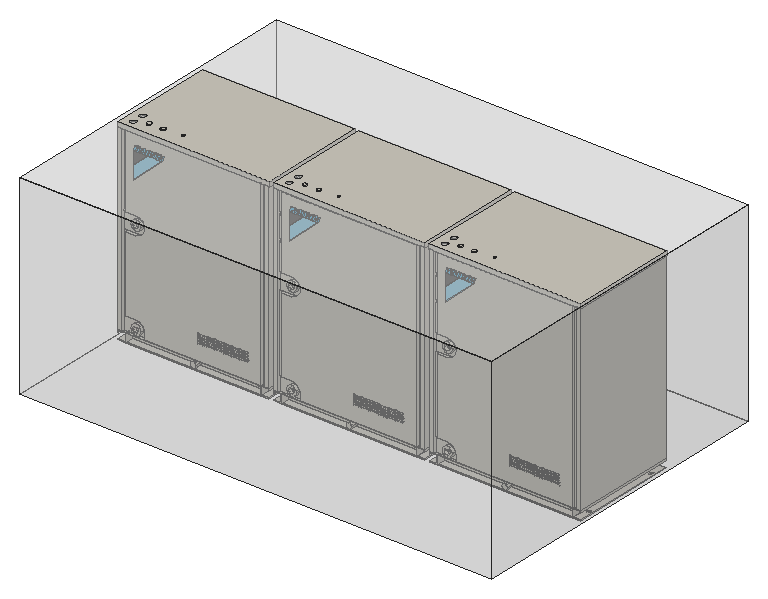
Revit family "outputfile", category 機械設備, Revit 2024
Family settings
  丸型コネクタ寸法 = 半径を使用
  種別 = なし
  パーツ タイプ = 標準
  OmniClass 番号 = 23.75.10.24.21.27.27
  OmniClass タイトル = Split System Air Conditioning Units
  作業面ベース = いいえ
  常に垂直 = はい
  ロード時にボイドで切り取り = いいえ
  注釈の向きを維持 = いいえ
  共有 = いいえ
  部屋計算ポイント = いいえ
Parameters (values of type "RWEYQ26TYM")
  製造元 = "Daikin"
  書き出し IFC クラス(タイプ) = "IfcUnitaryEquipmentType"
  定義済み IFC タイプ(タイプ) = "AIRCONDITIONINGUNIT"
  モデル = "RWEYQ26TYM"
  w_unit3 = 780.0 mm
  w_unit2 = 780.0 mm
  w_unit1 = 780.0 mm
  switch_unit3_6-8 [instance] = if(Reverse_ModuleSequence, if(default_unit1 = 1, 1 = 1, 1 = 0), if(default_unit3 = 1, 1 = 1, 1 = 0))  # yes
  switch_unit3_12 [instance] = if(Reverse_ModuleSequence, if(default_unit1 = 3, 1 = 1, 1 = 0), if(default_unit3 = 3, 1 = 1, 1 = 0))  # no
  switch_unit3_10 [instance] = if(Reverse_ModuleSequence, if(default_unit1 = 2, 1 = 1, 1 = 0), if(default_unit3 = 2, 1 = 1, 1 = 0))  # no
  switch_unit2_6-8 [instance] = if(default_unit2 = 1, 1 = 1, 1 = 0)  # yes
  switch_unit2_12 [instance] = if(default_unit2 = 3, 1 = 1, 1 = 0)  # no
  switch_unit2_10 [instance] = if(default_unit2 = 2, 1 = 1, 1 = 0)  # no
  switch_unit1_6-8 [instance] = if(Reverse_ModuleSequence, if(default_unit3 = 1, 1 = 1, 1 = 0), if(default_unit1 = 1, 1 = 1, 1 = 0))  # no
  switch_unit1_12 [instance] = if(Reverse_ModuleSequence, if(default_unit3 = 3, 1 = 1, 1 = 0), if(default_unit1 = 3, 1 = 1, 1 = 0))  # no
  switch_unit1_10 [instance] = if(Reverse_ModuleSequence, if(default_unit3 = 2, 1 = 1, 1 = 0), if(default_unit1 = 2, 1 = 1, 1 = 0))  # yes
  r_Water Outlet Pipe Connection_unit3 [instance] = Water Outlet Pipe Connection_Unit3 / 2  # 15.9 mm
  r_Water Outlet Pipe Connection_unit2 [instance] = Water Outlet Pipe Connection_Unit2 / 2  # 15.9 mm
  r_Water Outlet Pipe Connection_unit1 [instance] = Water Outlet Pipe Connection_Unit1 / 2  # 15.9 mm
  r_Water Inlet Pipe Connection_unit3 [instance] = Water Inlet Pipe Connection_Unit3 / 2  # 15.9 mm
  r_Water Inlet Pipe Connection_unit2 [instance] = Water Inlet Pipe Connection_Unit2 / 2  # 15.9 mm
  r_Water Inlet Pipe Connection_unit1 [instance] = Water Inlet Pipe Connection_Unit1 / 2  # 15.9 mm
  r_Drain Pipe Size = Drain Pipe Size / 2  # 6.35 mm
  lw_Water Outlet3 = 95.0 mm
  lw_Water Outlet2 = 95.0 mm
  lw_Water Outlet1 = 95.0 mm
  lw_Water Inlet3 = 95.0 mm
  lw_Water Inlet2 = 95.0 mm
  lw_Water Inlet1 = 95.0 mm
  lw_Drain3 = 390.0 mm
  lw_Drain2 = 390.0 mm
  lw_Drain1 = 390.0 mm
  default_Water Outlet Pipe Connection_Unit 3 = 31.8 mm
  default_Water Outlet Pipe Connection_Unit 2 = 31.8 mm
  default_Water Outlet Pipe Connection_Unit 1 = 31.8 mm
  default_Water Inlet Pipe Connection_Unit 3 = 31.8 mm
  default_Water Inlet Pipe Connection_Unit 2 = 31.8 mm
  default_Water Inlet Pipe Connection_Unit 1 = 31.8 mm
  angle_Drain [instance] = if(Rear Connection_Drain, 180.00°, 0.00°)  # 0.00°
  r_Liquid Pipe Size_unit3 [instance] = Liquid Pipe Size_Unit 3 / 2  # 4.75 mm
  r_Liquid Pipe Size_unit2 [instance] = Liquid Pipe Size_Unit 2 / 2  # 4.75 mm
  r_HP/LP Gas Pipe Size_unit3 [instance] = [HP/LP Gas Pipe Size_Unit 3] / 2  # 9.55 mm
  r_HP/LP Gas Pipe Size_unit2 [instance] = [HP/LP Gas Pipe Size_Unit 2] / 2  # 9.55 mm
  r_HP/LP Gas Pipe Size_unit1 [instance] = [HP/LP Gas Pipe Size_Unit 1] / 2  # 11.1 mm
  r_Gas Pipe Size_unit3 [instance] = Gas Pipe Size_Unit 3 / 2  # 9.55 mm
  r_Gas Pipe Size_unit2 [instance] = Gas Pipe Size_Unit 2 / 2  # 9.55 mm
  lw_powersupply3 = 51.0 mm
  lw_powersupply2 = 51.0 mm
  lw_liquidpipe3 = 274.0 mm
  lw_liquidpipe2 = 274.0 mm
  lw_gaspipe3 [instance] = if(Heat Pump, 107.0 mm, 178.0 mm)  # 107.0 mm
  lw_gaspipe2 [instance] = if(Heat Pump, 107.0 mm, 178.0 mm)  # 107.0 mm
  lw_HP/LP Gas Pipe3 [instance] = if(Heat Pump, 178.0 mm, 107.0 mm)  # 178.0 mm
  lw_HP/LP Gas Pipe2 [instance] = if(Heat Pump, 178.0 mm, 107.0 mm)  # 178.0 mm
  lw_HP/LP Gas Pipe1 [instance] = if(Heat Pump, 178.0 mm, 107.0 mm)  # 178.0 mm
  ld_HP/LP Gas Pipe = 69.0 mm
  h_mountinghole = [h_***] + 2.3 mm  # 2.3 mm
  r_Liquid Pipe Size_unit1 [instance] = Liquid Pipe Size_Unit 1 / 2  # 4.75 mm
  r_Gas Pipe Size_unit1 [instance] = Gas Pipe Size_Unit 1 / 2  # 11.1 mm
  distance_unit2-3 [instance] = 20.0 mm
  distance_unit1-2 [instance] = 20.0 mm
  default_unit3 = 1
  default_unit2 = 1
  default_unit1 = 2
  default_Model_Unit 3 = "RWEYQ8TYM"
  default_Model_Unit 2 = "RWEYQ8TYM"
  default_Model_Unit 1 = "RWEYQ10TYM"
  default_Liquid Pipe Size_Unit 3 = 9.5 mm
  default_Liquid Pipe Size_Unit 2 = 9.5 mm
  default_Liquid Pipe Size_Unit 1 = 9.5 mm
  default_HP/LP Gas Pipe Size_Unit 3 [instance] = if(and(Heat Pump, [switch_unit3_6-8]), 19.1 mm, if(and(Heat Pump, switch_unit3_10), 22.2 mm, if(and(Heat Pump, switch_unit3_12), 22.2 mm, if(and(Heat Recovery, [switch_unit3_6-8]), 15.9 mm, if(and(Heat Recovery, switch_unit3_10), 19.1 mm, if(and(Heat Recovery, switch_unit3_12), 19.1 mm, 19.1 mm))))))  # 19.1 mm
  default_HP/LP Gas Pipe Size_Unit 2 [instance] = if(and(Heat Pump, [switch_unit2_6-8]), 19.1 mm, if(and(Heat Pump, switch_unit2_10), 22.2 mm, if(and(Heat Pump, switch_unit2_12), 22.2 mm, if(and(Heat Recovery, [switch_unit2_6-8]), 15.9 mm, if(and(Heat Recovery, switch_unit2_10), 19.1 mm, if(and(Heat Recovery, switch_unit2_12), 19.1 mm, 19.1 mm))))))  # 19.1 mm
  default_HP/LP Gas Pipe Size_Unit 1 [instance] = if(and(Heat Pump, [switch_unit1_6-8]), 19.1 mm, if(and(Heat Pump, switch_unit1_10), 22.2 mm, if(and(Heat Pump, switch_unit1_12), 22.2 mm, if(and(Heat Recovery, [switch_unit1_6-8]), 15.9 mm, if(and(Heat Recovery, switch_unit1_10), 19.1 mm, if(and(Heat Recovery, switch_unit1_12), 19.1 mm, 19.1 mm))))))  # 22.2 mm
  default_Gas Pipe Size_Unit 3 = 19.1 mm
  default_Gas Pipe Size_Unit 2 = 19.1 mm
  default_Gas Pipe Size_Unit 1 = 22.2 mm
  Water Outlet Pipe Connection_Unit3 [instance] = if(Reverse_ModuleSequence, default_Water Outlet Pipe Connection_Unit 1, default_Water Outlet Pipe Connection_Unit 3)  # 31.8 mm
  Water Outlet Pipe Connection_Unit2 [instance] = if(Reverse_ModuleSequence, default_Water Inlet Pipe Connection_Unit 2, default_Water Inlet Pipe Connection_Unit 2)  # 31.8 mm
  Water Outlet Pipe Connection_Unit1 [instance] = if(Reverse_ModuleSequence, default_Water Outlet Pipe Connection_Unit 3, default_Water Outlet Pipe Connection_Unit 1)  # 31.8 mm
  Water Inlet Pipe Connection_Unit3 [instance] = if(Reverse_ModuleSequence, default_Water Inlet Pipe Connection_Unit 1, default_Water Inlet Pipe Connection_Unit 3)  # 31.8 mm
  Water Inlet Pipe Connection_Unit2 [instance] = if(Reverse_ModuleSequence, default_Water Outlet Pipe Connection_Unit 2, default_Water Outlet Pipe Connection_Unit 2)  # 31.8 mm
  Water Inlet Pipe Connection_Unit1 [instance] = if(Reverse_ModuleSequence, default_Water Inlet Pipe Connection_Unit 3, default_Water Inlet Pipe Connection_Unit 1)  # 31.8 mm
  Voltage_comment_60Hz = "380"
  Voltage_comment_50Hz = "380-415"
  Voltage_60Hz = 380 V
  Voltage_50Hz = 400 V
  Top Connection_powersupply2 [instance] = not(Top Connection_powersupply1)  # no
  Sound Power Level (dB) = 76
  Reverse_ModuleSequence [instance] = no
  Rear Connection_Drain [instance] = not(Front Connection_Drain)  # no
  Power Input (Heating) = 13.600 kW
  Phase_60Hz = 3
  Phase_50Hz = 3
  Nominal Heating Capacity = 81.500 kW
  Model_Unit 3 [instance] = if(Reverse_ModuleSequence, default_Model_Unit 1, default_Model_Unit 3)  # "RWEYQ8TYM"
  Model_Unit 2 [instance] = if(Reverse_ModuleSequence, default_Model_Unit 2, default_Model_Unit 2)  # "RWEYQ8TYM"
  Model_Unit 1 [instance] = if(Reverse_ModuleSequence, default_Model_Unit 3, default_Model_Unit 1)  # "RWEYQ10TYM"
  Minimum Circuit Amps_60Hz = 40.9 A
  Minimum Circuit Amps_50Hz = 40.9 A
  Maximum Fuse Amps_60Hz = 45.0 A
  Maximum Fuse Amps_50Hz = 45.0 A
  Material_Heat Exchanger = DAIKIN_Blue_HE_outdoorunit
  Material_Casing = DAIKIN_IvoryWhite_Casing_outdoorunit
  lw_powersupply1 = 51.0 mm
  lw_liquidpipe1 = 274.0 mm
  lw_gaspipe1 [instance] = if(Heat Pump, 107.0 mm, 178.0 mm)  # 107.0 mm
  lh_powersupply = 940.0 mm
  ld_powersupply [instance] = if(Top Connection_powersupply1, 38.0 mm, 98.0 mm)  # 38.0 mm
  ld_liquidpipe = 79.0 mm
  ld_gaspipe = 69.0 mm
  h_*** = 0.0 mm
  Width [instance] = [distance_unit1-2] + [distance_unit2-3] + w_unit1 + w_unit2 + w_unit3  # 2380.0 mm
  Version = "ver.1.0"
  Unit Type = ""
  Unit Mass Weight = 439.00 kg
  Unit Designation [instance] = ""
  Uniclass2015Version = "Products v1.30"
  Uniclass2015Title = "Variable refrigerant flow units"
  Uniclass2015Code = "Pr_70_65_03_94"
  Total Cooling Capacity [instance] = 0.000 kW
  Sound Pressure Level (dBA) = 55
  Series = "VRV Heat Recovery"
  Refrigerant_Base Charge = 11.200 kg
  Refrigerant_Additional Charge [instance] = 0.000 kg
  Refrigerant Type = "R410A"
  Power Input (Cooling) = 13.200 kW
  Option Accessory 3 [instance] = ""
  Option Accessory 2 [instance] = ""
  Option Accessory 1 [instance] = ""
  Nominal Cooling Capacity = 72.800 kW
  Load Classification = HVAC
  Liquid Pipe Size_Unit 3 [instance] = if(Reverse_ModuleSequence, default_Liquid Pipe Size_Unit 1, default_Liquid Pipe Size_Unit 3)  # 9.5 mm
  Liquid Pipe Size_Unit 2 [instance] = if(Reverse_ModuleSequence, default_Liquid Pipe Size_Unit 2, default_Liquid Pipe Size_Unit 2)  # 9.5 mm
  Liquid Pipe Size_Unit 1 [instance] = if(Reverse_ModuleSequence, default_Liquid Pipe Size_Unit 3, default_Liquid Pipe Size_Unit 1)  # 9.5 mm
  Link_Nested Family [instance] = ""
  Intermediate Liquid Pipe Size_Unit1-2 = 12.7 mm
  Intermediate HP/LP Gas Pipe Size_Unit1-2 = 22.2 mm
  Intermediate Gas Pipe Size_Unit1-2 = 28.6 mm
  IfcVersion = ""
  IfcExportType = "AIRCONDITIONINGUNIT"
  IfcExportAs = "IfcUnitaryEquipmentType"
  Height = 1000.0 mm
  Heat Recovery [instance] = not(Heat Pump)  # no
  Heat Pump [instance] = yes
  Heat Exchanger Type = "Stainless Steel Plate"
  HP/LP Gas Pipe Size_Unit 3 [instance] = [default_HP/LP Gas Pipe Size_Unit 3]  # 19.1 mm
  HP/LP Gas Pipe Size_Unit 2 [instance] = [default_HP/LP Gas Pipe Size_Unit 2]  # 19.1 mm
  HP/LP Gas Pipe Size_Unit 1 [instance] = [default_HP/LP Gas Pipe Size_Unit 1]  # 22.2 mm
  Gas Pipe Size_Unit 3 [instance] = if(Reverse_ModuleSequence, default_Gas Pipe Size_Unit 1, default_Gas Pipe Size_Unit 3)  # 19.1 mm
  Gas Pipe Size_Unit 2 [instance] = if(Reverse_ModuleSequence, default_Gas Pipe Size_Unit 2, default_Gas Pipe Size_Unit 2)  # 19.1 mm
  Gas Pipe Size_Unit 1 [instance] = if(Reverse_ModuleSequence, default_Gas Pipe Size_Unit 3, default_Gas Pipe Size_Unit 1)  # 22.2 mm
  Top Connection_powersupply1 [instance] = yes
  Front Connection_Drain [instance] = yes
  Frequency_60Hz = 60 Hz
  Frequency_50Hz = 50 Hz
  Drain Pipe Size = 12.7 mm
  Depth = 550.0 mm
  既定の高さ = 0.0 mm
  Cooling Ambient Wet Bulb Temperature [instance] = 0.00 °C
  Cooling Ambient Dry Bulb Temperature [instance] = 0.00 °C
  Compressor Type = "Hermetically Sealed Scroll Type"
  Clearance visibility [instance] = yes
  Clearance Top = 0.0 mm
  Clearance Right = 20.0 mm
  Clearance Rear = 500.0 mm
  Clearance Left = 20.0 mm
  Clearance Front = 600.0 mm
  Clearance Bottom = 0.0 mm
  CU Tag No. [instance] = ""
Reference planes
  plane 1 "Center (Front/Back)": y = 0
  plane 2 "h_***": z = 0
  plane 3 "Center (Left/Right)": x = 0
  plane 4 "Back": y = 275
  plane 5 "Front": y = -275
  plane 6 "Left": x = -390
  plane 7 "w_unit1": x = 390
  plane 8 "Top": z = 1000
  plane 9 "Clearance Rear": y = 775
  plane 10 "Clearance Front": y = -875
  plane 11 "Clearance Left": x = -410
  plane 12 "Clearance Right": x = 2010
  plane 13 "Clearance Top": z = 1000
  plane 14 "Clearance Bottom": z = 0
  plane 15 "Bottom": z = 0
  plane 16 "lw_powersupply1": x = -339
  plane 17 "ld_powersupply": y = -237
  plane 18 "lw_liquidpipe1": x = -116
  plane 19 "Rear Connection_refrigetant": y = -196
  plane 20 "lw_gaspipe1": x = -283
  plane 21 "ld_gaspipe": y = -206
  plane 22 "lh_logo": z = 900
  plane 23 "lw_logo": x = 100
  plane 24 "lh_powersupply": z = 940
  plane 25 "lw_HP/LP Gas Pipe1": x = -212
  plane 26 "ld_HP/LP Gas Pipe": y = -206
  plane 27 "l_unit2": x = 410
  plane 28 "w_unit2": x = 1190
  plane 29 "lw_powersupply2": x = 461
  plane 30 "lw_liquidpipe2": x = 684
  plane 31 "lw_gaspipe2": x = 517
  plane 32 "lw_HP/LP Gas Pipe2": x = 588
  plane 33 "Right": x = 1990
  plane 34 "叴": x = 1210
  plane 35 "叵": x = 1261
  plane 36 "叶": x = 1484
  plane 37 "号": x = 1317
  plane 38 "司": x = 1388
  plane 39 "lw_Water Inlet1": x = -295
  plane 40 "lw_Water Inlet2": x = 505
  plane 41 "lw_Water Inlet3": x = 1305
  plane 42 "lw_Water Outlet1": x = -295
  plane 43 "lw_Water Outlet2": x = 505
  plane 44 "lw_Water Outlet3": x = 1305
  plane 45 "lw_Drain1": x = 0
  plane 46 "lw_Drain2": x = 800
  plane 47 "lw_Drain3": x = 1600
Dimensions and locks
  equal spacing: plane 4 "Back", plane 1 "Center (Front/Back)", plane 5 "Front"
  "Depth": plane 4 "Back" to plane 5 "Front"
  equal spacing: plane 6 "Left", plane 3 "Center (Left/Right)", plane 7 "w_unit1"
  "w_unit1": plane 6 "Left" to plane 7 "w_unit1"
  "Clearance Rear": plane 9 "Clearance Rear" to plane 4 "Back"
  "Clearance Front": plane 10 "Clearance Front" to plane 5 "Front"
  "Clearance Left": plane 11 "Clearance Left" to plane 6 "Left"
  "Clearance Top": plane 13 "Clearance Top" to plane 8 "Top"
  "h_***": plane 15 "Bottom" to plane 2 "h_***"
  "Height": plane 8 "Top" to plane 15 "Bottom"
  "Clearance Bottom": plane 15 "Bottom" to plane 14 "Clearance Bottom"
  "ld_powersupply": plane 17 "ld_powersupply" to plane 5 "Front"
  "ld_liquidpipe": plane 19 "Rear Connection_refrigetant" to plane 5 "Front"
  "ld_gaspipe": plane 21 "ld_gaspipe" to plane 5 "Front"
  locked: plane 23 "lw_logo" to plane 7 "w_unit1" at 290
  locked: plane 22 "lh_logo" to plane 15 "Bottom" at 900
  "lw_gaspipe1": plane 6 "Left" to plane 20 "lw_gaspipe1"
  "lw_liquidpipe1": plane 6 "Left" to plane 18 "lw_liquidpipe1"
  "lw_powersupply1": plane 6 "Left" to plane 16 "lw_powersupply1"
  "lh_powersupply": plane 24 "lh_powersupply" to plane 15 "Bottom"
  "lw_HP/LP Gas Pipe1": plane 6 "Left" to plane 25 "lw_HP/LP Gas Pipe1"
  "ld_HP/LP Gas Pipe": plane 26 "ld_HP/LP Gas Pipe" to plane 5 "Front"
  "distance_unit1-2": plane 7 "w_unit1" to plane 27 "l_unit2"
  "lw_powersupply2": plane 27 "l_unit2" to plane 29 "lw_powersupply2"
  "lw_HP/LP Gas Pipe2": plane 27 "l_unit2" to plane 32 "lw_HP/LP Gas Pipe2"
  "lw_gaspipe2": plane 27 "l_unit2" to plane 31 "lw_gaspipe2"
  "lw_liquidpipe2": plane 27 "l_unit2" to plane 30 "lw_liquidpipe2"
  "w_unit2": plane 27 "l_unit2" to plane 28 "w_unit2"
  "distance_unit2-3": plane 28 "w_unit2" to plane 34 "叴"
  "Width": plane 6 "Left" to plane 33 "Right"
  "Clearance Right": plane 33 "Right" to plane 12 "Clearance Right"
  "lw_powersupply3": plane 34 "叴" to plane 35 "叵"
  "lw_HP/LP Gas Pipe3": plane 34 "叴" to plane 38 "司"
  "lw_gaspipe3": plane 34 "叴" to plane 37 "号"
  "lw_liquidpipe3": plane 34 "叴" to plane 36 "叶"
  "lw_Water Inlet1": plane 6 "Left" to plane 39 "lw_Water Inlet1"
  "lw_Water Inlet2": plane 27 "l_unit2" to plane 40 "lw_Water Inlet2"
  "lw_Water Inlet3": plane 34 "叴" to plane 41 "lw_Water Inlet3"
  "lw_Water Outlet1": plane 6 "Left" to plane 42 "lw_Water Outlet1"
  "lw_Water Outlet2": plane 27 "l_unit2" to plane 43 "lw_Water Outlet2"
  "lw_Water Outlet3": plane 34 "叴" to plane 44 "lw_Water Outlet3"
  "lw_Drain1": plane 6 "Left" to plane 45 "lw_Drain1"
  "lw_Drain2": plane 27 "l_unit2" to plane 46 "lw_Drain2"
  "lw_Drain3": plane 34 "叴" to plane 47 "lw_Drain3"
  aligned and locked: level to plane 2 "h_***"
  aligned and locked: nested 2 to plane 9 "Clearance Rear"
  aligned and locked: nested 2 to plane 10 "Clearance Front"
  aligned and locked: plane 11 "Clearance Left" to nested 2
  aligned and locked: plane 12 "Clearance Right" to nested 2
  aligned and locked: nested 2 to plane 13 "Clearance Top"
  aligned and locked: nested 2 to plane 14 "Clearance Bottom"
  aligned and locked: plane 8 "Top" to nested 1
  aligned and locked: plane 22 "lh_logo" to nested 7
  aligned and locked: nested 8 to plane 16 "lw_powersupply1"
  aligned and locked: nested 9 to plane 20 "lw_gaspipe1"
  aligned and locked: nested 10 to plane 18 "lw_liquidpipe1"
  aligned and locked: nested 10 to plane 19 "Rear Connection_refrigetant"
  aligned and locked: nested 9 to plane 21 "ld_gaspipe"
  aligned and locked: nested 8 to plane 17 "ld_powersupply"
  aligned and locked: plane 5 "Front" to nested 7
  aligned and locked: plane 24 "lh_powersupply" to nested 8
  aligned and locked: plane 27 "l_unit2" to nested 11
  aligned and locked: nested 17 to plane 29 "lw_powersupply2"
  aligned and locked: nested 17 to plane 17 "ld_powersupply"
  aligned and locked: nested 18 to plane 31 "lw_gaspipe2"
  aligned and locked: nested 18 to plane 26 "ld_HP/LP Gas Pipe"
  aligned and locked: plane 1 "Center (Front/Back)" to nested 20
  aligned and locked: plane 34 "叴" to nested 20
  aligned and locked: nested 27 to plane 35 "叵"
  aligned and locked: nested 28 to plane 37 "号"
  aligned and locked: nested 26 to plane 36 "叶"
  aligned and locked: plane 17 "ld_powersupply" to nested 27
  aligned and locked: plane 21 "ld_gaspipe" to nested 28
  aligned and locked: plane 19 "Rear Connection_refrigetant" to nested 26
  aligned and locked: nested 27 to plane 24 "lh_powersupply"
  aligned and locked: plane 1 "Center (Front/Back)" to nested 29
  aligned and locked: plane 1 "Center (Front/Back)" to nested 30
  aligned and locked: plane 1 "Center (Front/Back)" to nested 31
  aligned and locked: plane 1 "Center (Front/Back)" to nested 32
  aligned and locked: plane 1 "Center (Front/Back)" to nested 33
  aligned and locked: plane 1 "Center (Front/Back)" to nested 34
  aligned and locked: plane 1 "Center (Front/Back)" to nested 35
  aligned and locked: plane 1 "Center (Front/Back)" to nested 36
  aligned and locked: plane 1 "Center (Front/Back)" to nested 37
  aligned and locked: plane 39 "lw_Water Inlet1" to nested 29
  aligned and locked: plane 40 "lw_Water Inlet2" to nested 30
  aligned and locked: plane 41 "lw_Water Inlet3" to nested 31
  aligned and locked: plane 42 "lw_Water Outlet1" to nested 32
  aligned and locked: plane 43 "lw_Water Outlet2" to nested 33
  aligned and locked: plane 44 "lw_Water Outlet3" to nested 34
  aligned and locked: plane 45 "lw_Drain1" to nested 35
  aligned and locked: plane 46 "lw_Drain2" to nested 36
  aligned and locked: plane 47 "lw_Drain3" to nested 37
  aligned and locked: plane 25 "lw_HP/LP Gas Pipe1" to nested 38
  aligned and locked: plane 32 "lw_HP/LP Gas Pipe2" to nested 39
  aligned and locked: plane 38 "司" to nested 40
  aligned and locked: nested 38 to plane 26 "ld_HP/LP Gas Pipe"
  aligned and locked: nested 39 to plane 26 "ld_HP/LP Gas Pipe"
  aligned and locked: plane 26 "ld_HP/LP Gas Pipe" to nested 40
Nested families
  nested 1: "DAIKIN_outdoorunit_RWEYQ-TYM" at (-31, 0, 0), h_*** <- "h_***", Link_Nest <- "Link_Nested Family", h_mountinghole <- "h_mountinghole", Width <- "w_unit1", switch_unit1_6-8 <- "switch_unit1_6-8", switch_unit1_10 <- "switch_unit1_10", switch_unit1_12 <- "switch_unit1_12", type "RWEYQ-TYM"
    with switch_unit1_6-8 no, switch_unit1_12 no, switch_unit1_10 yes, show_fixedhole yes, h_mountinghole 2.3 mm, h_antenna_mountinghole 998.7 mm, h_*** 0.0 mm, array_bolt 5, Width 780.0 mm, Liquid Pipe Size_Unit 1 9.5 mm, Link_Nest "", HP/LP Pipe Size_Unit 1 22.2 mm, Gas Pipe Size_Unit 1 22.2 mm, Heat Recovery no, Heat Pump yes, HP/LP Pipe Size_Unit 1_L 178.0 mm, Gas Pipe Size_Unit 1_L 107.0 mm
  nested 2: "daikin_clearancespace" at (800, -50, 500.119), visible <- "Clearance visibility", show <- "Clearance visibility", Link_Nested Family <- "Link_Nested Family", type "daikin_clearancespace"
    with width 2420.0 mm, show yes, height 1000.0 mm, depth 1650.0 mm, Link_Nested Family ""
  nested 3: "daikin_mountinghole" at (-372, 200, 0), type "daikin_mountinghole"
    with show yes, l_antenna 998.7 mm, h_mountinghole 2.3 mm, Link_Nested Family ""
  nested 4: "daikin_mountinghole" at (372, 200, 0), type "daikin_mountinghole"
    with show yes, l_antenna 998.7 mm, h_mountinghole 2.3 mm, Link_Nested Family ""
  nested 5: "daikin_mountinghole" at (-372, -200, 0), type "daikin_mountinghole"
    with show yes, l_antenna 998.7 mm, h_mountinghole 2.3 mm, Link_Nested Family ""
  nested 6: "daikin_mountinghole" at (372, -200, 0), type "daikin_mountinghole"
    with show yes, l_antenna 998.7 mm, h_mountinghole 2.3 mm, Link_Nested Family ""
  nested 7: "daikin_logo_elevation_w150" at (-212.5, -275, 744.568), type "daikin_logo_elevation_w150"
    with show_logo yes
  nested 8: "daikin_connector_rotate3" at (-339, -237, 940) x (-1, 0, 0) z (0, 0, -1), type "daikin_connector_rotate3"
    with show no, radius 10.0 mm, length 60.0 mm, angle_vertical 0.00°, angle_horizontal 0.00°
  nested 9: "daikin_connector_rotate3" at (-283, -206, 940) x (-1, 0, 0) z (0, 0, -1), radius <- "r_Gas Pipe Size_unit1", type "daikin_connector_rotate3"
    with show no, radius 11.1 mm, length 60.0 mm, angle_vertical 0.00°, angle_horizontal 0.00°
  nested 10: "daikin_connector_rotate3" at (-116, -196, 940) x (-1, 0, 0) z (0, 0, -1), radius <- "r_Liquid Pipe Size_unit1", type "daikin_connector_rotate3"
    with show no, radius 4.75 mm, length 60.0 mm, angle_vertical 0.00°, angle_horizontal 0.00°
  nested 11: "DAIKIN_outdoorunit_RWEYQ-TYM" at (769, 0, 0), Width <- "w_unit2", switch_unit1_6-8 <- "switch_unit2_6-8", switch_unit1_10 <- "switch_unit2_10", switch_unit1_12 <- "switch_unit2_12", type "RWEYQ-TYM"
    with switch_unit1_6-8 yes, switch_unit1_12 no, switch_unit1_10 no, show_fixedhole yes, h_mountinghole 2.3 mm, h_antenna_mountinghole 998.7 mm, h_*** 0.0 mm, array_bolt 5, Width 780.0 mm, Liquid Pipe Size_Unit 1 9.5 mm, Link_Nest "", HP/LP Pipe Size_Unit 1 19.1 mm, Gas Pipe Size_Unit 1 19.1 mm, Heat Recovery no, Heat Pump yes, HP/LP Pipe Size_Unit 1_L 178.0 mm, Gas Pipe Size_Unit 1_L 107.0 mm
  nested 12: "daikin_mountinghole" at (428, 200, 0), type "daikin_mountinghole"
    with show yes, l_antenna 998.7 mm, h_mountinghole 2.3 mm, Link_Nested Family ""
  nested 13: "daikin_mountinghole" at (1172, 200, 0), type "daikin_mountinghole"
    with show yes, l_antenna 998.7 mm, h_mountinghole 2.3 mm, Link_Nested Family ""
  nested 14: "daikin_mountinghole" at (428, -200, 0), type "daikin_mountinghole"
    with show yes, l_antenna 998.7 mm, h_mountinghole 2.3 mm, Link_Nested Family ""
  nested 15: "daikin_mountinghole" at (1172, -200, 0), type "daikin_mountinghole"
    with show yes, l_antenna 998.7 mm, h_mountinghole 2.3 mm, Link_Nested Family ""
  nested 16: "daikin_connector_rotate3" at (684, -196, 940) x (-1, 0, 0) z (0, 0, -1), radius <- "r_Liquid Pipe Size_unit2", type "daikin_connector_rotate3"
    with show no, radius 4.75 mm, length 60.0 mm, angle_vertical 0.00°, angle_horizontal 0.00°
  nested 17: "daikin_connector_rotate3" at (461, -237, 940) x (-1, 0, 0) z (0, 0, -1), type "daikin_connector_rotate3"
    with show no, radius 10.0 mm, length 60.0 mm, angle_vertical 0.00°, angle_horizontal 0.00°
  nested 18: "daikin_connector_rotate3" at (517, -206, 940) x (-1, 0, 0) z (0, 0, -1), radius <- "r_Gas Pipe Size_unit2", type "daikin_connector_rotate3"
    with show no, radius 9.55 mm, length 60.0 mm, angle_vertical 0.00°, angle_horizontal 0.00°
  nested 19: "daikin_logo_elevation_w150" at (587.5, -275, 744.568), type "daikin_logo_elevation_w150"
    with show_logo yes
  nested 20: "DAIKIN_outdoorunit_RWEYQ-TYM" at (1569, 0, 0), switch_unit1_6-8 <- "switch_unit3_6-8", switch_unit1_10 <- "switch_unit3_10", switch_unit1_12 <- "switch_unit3_12", Width <- "w_unit3", type "RWEYQ-TYM"
    with switch_unit1_6-8 yes, switch_unit1_12 no, switch_unit1_10 no, show_fixedhole yes, h_mountinghole 2.3 mm, h_antenna_mountinghole 998.7 mm, h_*** 0.0 mm, array_bolt 5, Width 780.0 mm, Liquid Pipe Size_Unit 1 9.5 mm, Link_Nest "", HP/LP Pipe Size_Unit 1 19.1 mm, Gas Pipe Size_Unit 1 19.1 mm, Heat Recovery no, Heat Pump yes, HP/LP Pipe Size_Unit 1_L 178.0 mm, Gas Pipe Size_Unit 1_L 107.0 mm
  nested 21: "daikin_mountinghole" at (1228, 200, 0), type "daikin_mountinghole"
    with show yes, l_antenna 998.7 mm, h_mountinghole 2.3 mm, Link_Nested Family ""
  nested 22: "daikin_mountinghole" at (1972, 200, 0), type "daikin_mountinghole"
    with show yes, l_antenna 998.7 mm, h_mountinghole 2.3 mm, Link_Nested Family ""
  nested 23: "daikin_mountinghole" at (1228, -200, 0), type "daikin_mountinghole"
    with show yes, l_antenna 998.7 mm, h_mountinghole 2.3 mm, Link_Nested Family ""
  nested 24: "daikin_mountinghole" at (1972, -200, 0), type "daikin_mountinghole"
    with show yes, l_antenna 998.7 mm, h_mountinghole 2.3 mm, Link_Nested Family ""
  nested 25: "daikin_logo_elevation_w150" at (1387.5, -275, 744.568), type "daikin_logo_elevation_w150"
    with show_logo yes
  nested 26: "daikin_connector_rotate3" at (1484, -196, 940) x (-1, 0, 0) z (0, 0, -1), radius <- "r_Liquid Pipe Size_unit3", type "daikin_connector_rotate3"
    with show no, radius 4.75 mm, length 60.0 mm, angle_vertical 0.00°, angle_horizontal 0.00°
  nested 27: "daikin_connector_rotate3" at (1261, -237, 940) x (-1, 0, 0) z (0, 0, -1), type "daikin_connector_rotate3"
    with show no, radius 10.0 mm, length 60.0 mm, angle_vertical 0.00°, angle_horizontal 0.00°
  nested 28: "daikin_connector_rotate3" at (1317, -206, 940) x (-1, 0, 0) z (0, 0, -1), radius <- "r_Gas Pipe Size_unit3", type "daikin_connector_rotate3"
    with show no, radius 9.55 mm, length 60.0 mm, angle_vertical 0.00°, angle_horizontal 0.00°
  nested 29: "daikin_connector_rotate3" at (-295, 0, 76), radius <- "r_Water Inlet Pipe Connection_unit1", type "daikin_connector_rotate3"
    with show no, radius 15.9 mm, length 275.0 mm, angle_vertical 90.00°, angle_horizontal 0.00°
  nested 30: "daikin_connector_rotate3" at (505, 0, 76), radius <- "r_Water Inlet Pipe Connection_unit2", type "daikin_connector_rotate3"
    with show no, radius 15.9 mm, length 275.0 mm, angle_vertical 90.00°, angle_horizontal 0.00°
  nested 31: "daikin_connector_rotate3" at (1305, 0, 76), radius <- "r_Water Inlet Pipe Connection_unit3", type "daikin_connector_rotate3"
    with show no, radius 15.9 mm, length 275.0 mm, angle_vertical 90.00°, angle_horizontal 0.00°
  nested 32: "daikin_connector_rotate3" at (-295, 0, 556), radius <- "r_Water Outlet Pipe Connection_unit1", type "daikin_connector_rotate3"
    with show no, radius 15.9 mm, length 275.0 mm, angle_vertical 90.00°, angle_horizontal 0.00°
  nested 33: "daikin_connector_rotate3" at (505, 0, 556), radius <- "r_Water Outlet Pipe Connection_unit2", type "daikin_connector_rotate3"
    with show no, radius 15.9 mm, length 275.0 mm, angle_vertical 90.00°, angle_horizontal 0.00°
  nested 34: "daikin_connector_rotate3" at (1305, 0, 556), radius <- "r_Water Outlet Pipe Connection_unit3", type "daikin_connector_rotate3"
    with show no, radius 15.9 mm, length 275.0 mm, angle_vertical 90.00°, angle_horizontal 0.00°
  nested 35: "daikin_connector_rotate3" at (0, 0, 19), angle_horizontal <- "angle_Drain", radius <- "r_Drain Pipe Size", type "daikin_connector_rotate3"
    with show no, radius 6.35 mm, length 275.0 mm, angle_vertical 90.00°, angle_horizontal 0.00°
  nested 36: "daikin_connector_rotate3" at (800, 0, 19), angle_horizontal <- "angle_Drain", radius <- "r_Drain Pipe Size", type "daikin_connector_rotate3"
    with show no, radius 6.35 mm, length 275.0 mm, angle_vertical 90.00°, angle_horizontal 0.00°
  nested 37: "daikin_connector_rotate3" at (1600, 0, 19), angle_horizontal <- "angle_Drain", radius <- "r_Drain Pipe Size", type "daikin_connector_rotate3"
    with show no, radius 6.35 mm, length 275.0 mm, angle_vertical 90.00°, angle_horizontal 0.00°
  nested 38: "daikin_connector_rotate3" at (-212, -206, 940) x (1, 0, 0) z (0, 0, -1), radius <- "r_HP/LP Gas Pipe Size_unit1", type "daikin_connector_rotate3"
    with show no, radius 11.1 mm, length 60.0 mm, angle_vertical 0.00°, angle_horizontal 0.00°
  nested 39: "daikin_connector_rotate3" at (588, -206, 940) x (1, 0, 0) z (0, 0, -1), radius <- "r_HP/LP Gas Pipe Size_unit2", type "daikin_connector_rotate3"
    with show no, radius 9.55 mm, length 60.0 mm, angle_vertical 0.00°, angle_horizontal 0.00°
  nested 40: "daikin_connector_rotate3" at (1388, -206, 940) x (1, 0, 0) z (0, 0, -1), radius <- "r_HP/LP Gas Pipe Size_unit3", type "daikin_connector_rotate3"
    with show no, radius 9.55 mm, length 60.0 mm, angle_vertical 0.00°, angle_horizontal 0.00°
Connectors
  piping at (-116, -196, 1000), diameter 9.5, driven by "r_Liquid Pipe Size_unit1"
    settings: on nested 10, index 12, connector inside diameter 609.6 mm, connector length 0.0 mm, flow factor 0, pipe flow 0.00 m³/h, pressure drop 0.0 Pa, fitting loss kfactor 0, connector angle 0.00°, fixture units 0, engagement length 0.0 mm, angle of deflection 0.00°, flow configuration 0, flow direction 2, fitting loss method 0, system type 29, joint type 0, gender type 0, connector reference index -1, connector utility 0, adjustable connector no, is connector primary no, connector description "Refrigerant Liquid Piping1"
  electrical at (-339, -237, 1000), driven by "Load Classification"
    settings: on nested 8, index 13, voltage 0 V, apparent load 0 VA, apparent load phase1 0 VA, apparent load phase2 0 VA, apparent load phase3 0 VA, power factor 1, load classification "HVAC", number of poles 1, system type 30, power factor state 1, is connector primary yes, connector utility no, sub classification motor no, connector description "Power Supply1"
  piping at (684, -196, 1000), diameter 9.5, driven by "r_Liquid Pipe Size_unit2"
    settings: on nested 16, index 15, connector inside diameter 609.6 mm, connector length 0.0 mm, flow factor 0, pipe flow 0.00 m³/h, pressure drop 0.0 Pa, fitting loss kfactor 0, connector angle 0.00°, fixture units 0, engagement length 0.0 mm, angle of deflection 0.00°, flow configuration 0, flow direction 2, fitting loss method 0, system type 29, joint type 0, gender type 0, connector reference index -1, connector utility 0, adjustable connector no, is connector primary no, connector description "Refrigerant Liquid Piping2"
  electrical at (461, -237, 1000), driven by "Load Classification"
    settings: on nested 17, index 17, voltage 0 V, apparent load 0 VA, apparent load phase1 0 VA, apparent load phase2 0 VA, apparent load phase3 0 VA, power factor 1, load classification "HVAC", number of poles 1, system type 30, power factor state 1, is connector primary no, connector utility no, sub classification motor no, connector description "Power Supply2"
  piping at (1484, -196, 1000), diameter 9.5, driven by "r_Liquid Pipe Size_unit3"
    settings: on nested 26, index 19, connector inside diameter 609.6 mm, connector length 0.0 mm, flow factor 0, pipe flow 0.00 m³/h, pressure drop 0.0 Pa, fitting loss kfactor 0, connector angle 0.00°, fixture units 0, engagement length 0.0 mm, angle of deflection 0.00°, flow configuration 0, flow direction 2, fitting loss method 0, system type 29, joint type 0, gender type 0, connector reference index -1, connector utility 0, adjustable connector no, is connector primary no, connector description "Refrigerant Liquid Piping3"
  electrical at (1261, -237, 1000), driven by "Load Classification"
    settings: on nested 27, index 21, voltage 0 V, apparent load 0 VA, apparent load phase1 0 VA, apparent load phase2 0 VA, apparent load phase3 0 VA, power factor 1, load classification "HVAC", number of poles 1, system type 30, power factor state 1, is connector primary no, connector utility no, sub classification motor no, connector description "Power Supply3"
  piping at (-295, -275, 556), diameter 31.8, driven by "r_Water Outlet Pipe Connection_unit1"
    settings: on nested 32, index 24, connector inside diameter 609.6 mm, connector length 0.0 mm, flow factor 0, pipe flow 0.00 m³/h, pressure drop 0.0 Pa, fitting loss kfactor 0, connector angle 0.00°, fixture units 0, engagement length 0.0 mm, angle of deflection 0.00°, flow configuration 1, flow direction 2, fitting loss method 0, system type 8, joint type 0, gender type 0, connector reference index -1, connector utility 0, adjustable connector no, is connector primary no, connector description "Cooling Water Outlet Piping 1"
  piping at (-295, -275, 76), diameter 31.8, driven by "r_Water Inlet Pipe Connection_unit1"
    settings: on nested 29, index 25, connector inside diameter 609.6 mm, connector length 0.0 mm, flow factor 0, pipe flow 0.00 m³/h, pressure drop 0.0 Pa, fitting loss kfactor 0, connector angle 0.00°, fixture units 0, engagement length 0.0 mm, angle of deflection 0.00°, flow configuration 1, flow direction 1, fitting loss method 0, system type 7, joint type 0, gender type 0, connector reference index -1, connector utility 0, adjustable connector no, is connector primary no, connector description "Cooling Water Inlet  Piping 1"
  piping at (0, -275, 19), diameter 12.7, driven by "r_Drain Pipe Size"
    settings: on nested 35, index 26, connector inside diameter 609.6 mm, connector length 0.0 mm, flow factor 0, pipe flow 0.00 m³/h, pressure drop 0.0 Pa, fitting loss kfactor 0, connector angle 0.00°, fixture units 0, engagement length 0.0 mm, angle of deflection 0.00°, flow configuration 1, flow direction 2, fitting loss method 4, system type 16, joint type 0, gender type 0, connector reference index -1, connector utility 0, adjustable connector no, is connector primary no, connector description "Condensate Drain Piping 1"
  piping at (505, -275, 556), diameter 31.8, driven by "r_Water Outlet Pipe Connection_unit2"
    settings: on nested 33, index 27, connector inside diameter 609.6 mm, connector length 0.0 mm, flow factor 0, pipe flow 0.00 m³/h, pressure drop 0.0 Pa, fitting loss kfactor 0, connector angle 0.00°, fixture units 0, engagement length 0.0 mm, angle of deflection 0.00°, flow configuration 1, flow direction 2, fitting loss method 0, system type 8, joint type 0, gender type 0, connector reference index -1, connector utility 0, adjustable connector no, is connector primary no, connector description "Cooling Water Outlet Piping 2"
  piping at (505, -275, 76), diameter 31.8, driven by "r_Water Inlet Pipe Connection_unit2"
    settings: on nested 30, index 28, connector inside diameter 609.6 mm, connector length 0.0 mm, flow factor 0, pipe flow 0.00 m³/h, pressure drop 0.0 Pa, fitting loss kfactor 0, connector angle 0.00°, fixture units 0, engagement length 0.0 mm, angle of deflection 0.00°, flow configuration 1, flow direction 1, fitting loss method 0, system type 7, joint type 0, gender type 0, connector reference index -1, connector utility 0, adjustable connector no, is connector primary no, connector description "Cooling Water Inlet  Piping 2"
  piping at (800, -275, 19), diameter 12.7, driven by "r_Drain Pipe Size"
    settings: on nested 36, index 29, connector inside diameter 609.6 mm, connector length 0.0 mm, flow factor 0, pipe flow 0.00 m³/h, pressure drop 0.0 Pa, fitting loss kfactor 0, connector angle 0.00°, fixture units 0, engagement length 0.0 mm, angle of deflection 0.00°, flow configuration 1, flow direction 2, fitting loss method 4, system type 16, joint type 0, gender type 0, connector reference index -1, connector utility 0, adjustable connector no, is connector primary no, connector description "Condensate Drain Piping 2"
  piping at (1305, -275, 76), diameter 31.8, driven by "r_Water Inlet Pipe Connection_unit3"
    settings: on nested 31, index 30, connector inside diameter 609.6 mm, connector length 0.0 mm, flow factor 0, pipe flow 0.00 m³/h, pressure drop 0.0 Pa, fitting loss kfactor 0, connector angle 0.00°, fixture units 0, engagement length 0.0 mm, angle of deflection 0.00°, flow configuration 1, flow direction 1, fitting loss method 0, system type 7, joint type 0, gender type 0, connector reference index -1, connector utility 0, adjustable connector no, is connector primary no, connector description "Cooling Water Inlet  Piping 3"
  piping at (1305, -275, 556), diameter 31.8, driven by "r_Water Outlet Pipe Connection_unit3"
    settings: on nested 34, index 31, connector inside diameter 609.6 mm, connector length 0.0 mm, flow factor 0, pipe flow 0.00 m³/h, pressure drop 0.0 Pa, fitting loss kfactor 0, connector angle 0.00°, fixture units 0, engagement length 0.0 mm, angle of deflection 0.00°, flow configuration 1, flow direction 2, fitting loss method 0, system type 8, joint type 0, gender type 0, connector reference index -1, connector utility 0, adjustable connector no, is connector primary no, connector description "Cooling Water Outlet Piping 3"
  piping at (1600, -275, 19), diameter 12.7, driven by "r_Drain Pipe Size"
    settings: on nested 37, index 32, connector inside diameter 609.6 mm, connector length 0.0 mm, flow factor 0, pipe flow 0.00 m³/h, pressure drop 0.0 Pa, fitting loss kfactor 0, connector angle 0.00°, fixture units 0, engagement length 0.0 mm, angle of deflection 0.00°, flow configuration 1, flow direction 2, fitting loss method 4, system type 16, joint type 0, gender type 0, connector reference index -1, connector utility 0, adjustable connector no, is connector primary no, connector description "Condensate Drain Piping 3"
  piping at (-212, -206, 1000), diameter 22.2, driven by "r_HP/LP Gas Pipe Size_unit1"
    settings: on nested 38, index 36, connector inside diameter 609.6 mm, connector length 0.0 mm, flow factor 0, pipe flow 0.00 m³/h, pressure drop 0.0 Pa, fitting loss kfactor 0, connector angle 0.00°, fixture units 0, engagement length 0.0 mm, angle of deflection 0.00°, flow configuration 0, flow direction 0, fitting loss method 0, system type 29, joint type 0, gender type 0, connector reference index -1, connector utility 0, adjustable connector no, is connector primary no, connector description "Refrigerant HP/LP Gas Piping1"
  piping at (588, -206, 1000), diameter 19.1, driven by "r_HP/LP Gas Pipe Size_unit2"
    settings: on nested 39, index 37, connector inside diameter 609.6 mm, connector length 0.0 mm, flow factor 0, pipe flow 0.00 m³/h, pressure drop 0.0 Pa, fitting loss kfactor 0, connector angle 0.00°, fixture units 0, engagement length 0.0 mm, angle of deflection 0.00°, flow configuration 0, flow direction 0, fitting loss method 0, system type 29, joint type 0, gender type 0, connector reference index -1, connector utility 0, adjustable connector no, is connector primary no, connector description "Refrigerant HP/LP Gas Piping2"
  piping at (1388, -206, 1000), diameter 19.1, driven by "r_HP/LP Gas Pipe Size_unit3"
    settings: on nested 40, index 38, connector inside diameter 609.6 mm, connector length 0.0 mm, flow factor 0, pipe flow 0.00 m³/h, pressure drop 0.0 Pa, fitting loss kfactor 0, connector angle 0.00°, fixture units 0, engagement length 0.0 mm, angle of deflection 0.00°, flow configuration 0, flow direction 0, fitting loss method 0, system type 29, joint type 0, gender type 0, connector reference index -1, connector utility 0, adjustable connector no, is connector primary no, connector description "Refrigerant HP/LP Gas Piping3"
  piping at (-283, -206, 1000), diameter 22.2, driven by "r_Gas Pipe Size_unit1"
    settings: on nested 9, index 39, connector inside diameter 609.6 mm, connector length 0.0 mm, flow factor 0, pipe flow 0.00 m³/h, pressure drop 0.0 Pa, fitting loss kfactor 0, connector angle 0.00°, fixture units 0, engagement length 0.0 mm, angle of deflection 0.00°, flow configuration 0, flow direction 1, fitting loss method 0, system type 29, joint type 0, gender type 0, connector reference index -1, connector utility 0, adjustable connector no, is connector primary yes, connector description "Refrigerant Gas Piping1"
  piping at (517, -206, 1000), diameter 19.1, driven by "r_Gas Pipe Size_unit2"
    settings: on nested 18, index 40, connector inside diameter 609.6 mm, connector length 0.0 mm, flow factor 0, pipe flow 0.00 m³/h, pressure drop 0.0 Pa, fitting loss kfactor 0, connector angle 0.00°, fixture units 0, engagement length 0.0 mm, angle of deflection 0.00°, flow configuration 0, flow direction 1, fitting loss method 0, system type 29, joint type 0, gender type 0, connector reference index -1, connector utility 0, adjustable connector no, is connector primary no, connector description "Refrigerant Gas Piping2"
  piping at (1317, -206, 1000), diameter 19.1, driven by "r_Gas Pipe Size_unit3"
    settings: on nested 28, index 41, connector inside diameter 609.6 mm, connector length 0.0 mm, flow factor 0, pipe flow 0.00 m³/h, pressure drop 0.0 Pa, fitting loss kfactor 0, connector angle 0.00°, fixture units 0, engagement length 0.0 mm, angle of deflection 0.00°, flow configuration 0, flow direction 1, fitting loss method 0, system type 29, joint type 0, gender type 0, connector reference index -1, connector utility 0, adjustable connector no, is connector primary no, connector description "Refrigerant Gas Piping3"
Definition of nested family "DAIKIN_outdoorunit_RWEYQ-TYM"
  Parameters (values of type "RWEYQ-TYM")
    w_wiremesh_right = 668.0 mm  # constant formula
    w_wiremesh_left = 590.0 mm  # constant formula
    w_wiremesh_front = 248.0 mm  # constant formula
    switch_unit1_6-8 [instance] = no
    switch_unit1_12 [instance] = yes
    switch_unit1_10 [instance] = no
    show_fixedhole [instance] = yes
    material_heatexchanger = none
    material_casing = none
    ld_hole1_bottom = 154.0 mm  # constant formula
    h_wiremesh = 900.0 mm  # constant formula
    h_mountinghole [instance] = 2.3 mm
    h_antenna_mountinghole [instance] = Height + 1.0 mm - 2.3 mm  # 998.7 mm
    h_*** [instance] = 0.0 mm
    array_bolt [instance] = 5
    Width [instance] = 780.0 mm
    Liquid Pipe Size_Unit 1 [instance] = if([switch_unit1_6-8], 9.5 mm, if(switch_unit1_10, 9.5 mm, if(switch_unit1_12, 12.7 mm, 9.5 mm)))  # 12.7 mm
    Link_Nest [instance] = ""
    Height = 1000.0 mm
    Heat Recovery = not(Heat Pump)  # yes
    Heat Pump = no
    HP/LP Pipe Size_Unit 1_L = if(Heat Pump, 178.0 mm, 107.0 mm)  # 107.0 mm
    HP/LP Pipe Size_Unit 1 [instance] = if(Heat Recovery, if([switch_unit1_6-8], 15.9 mm, if(switch_unit1_10, 19.1 mm, if(switch_unit1_12, 19.1 mm, 15.9 mm))), if([switch_unit1_6-8], 19.1 mm, if(switch_unit1_10, 22.2 mm, if(switch_unit1_12, 22.2 mm, 19.1 mm))))  # 19.1 mm
    Gas Pipe Size_Unit 1_L = if(Heat Pump, 107.0 mm, 178.0 mm)  # 178.0 mm
    Gas Pipe Size_Unit 1_H = 60.0 mm  # constant formula
    Gas Pipe Size_Unit 1 [instance] = if([switch_unit1_6-8], 19.1 mm, if(switch_unit1_10, 22.2 mm, if(switch_unit1_12, 22.2 mm, 19.1 mm)))  # 22.2 mm
    Depth = 550.0 mm
    Default Elevation = 0.0 mm
  Reference planes
    plane 1 "Center (Front/Back)": y = 0
    plane 2 "reference_level": z = 0
    plane 3 "Center (Left/Right)": x = 31
    plane 4 "Bottom": z = 0
    plane 5: x = 421
    plane 6: x = -359
    plane 7 "Back": y = 275
    plane 8 "Front": y = -275
    plane 9: z = 1000
    plane 10: z = 976
    plane 11: y = -255
    plane 12: y = 255
    plane 13: x = -337
    plane 14: x = 399
    plane 15: x = -341
    plane 16: z = 45
    plane 17: x = 403
    plane 18: y = 200
    plane 19: y = -200
    plane 20: z = 1060
    plane 21: z = 19
    plane 22: z = 1000
    plane 23: z = 940
  Forms (mm)
    Extrusion 1, solid, material <- "material_heatexchanger"
      sketch origin (0, 0, 0) x (1, 0, 0) y (0, 1, 0)
        loop
          line (-337, 255) -> (-337, -255) -> (399, -255) -> (399, 255) -> (-337, 255)
      from 54 to 976
    Extrusion 2, void
      sketch origin (0, 350, 0) x (1, 0, 0) y (0, 1, 0)
        loop
          circle (-341, -150) r 8.5
        loop
          circle (403, -150) r 8.5
        loop
          circle (403, -550) r 8.5
        loop
          circle (-341, -550) r 8.5
      from 0 to 29.064
    Extrusion 3, solid, material <- "material_casing"
      sketch origin (620, -305, 0) x (-1, 0, 0) y (0, 0, 1)
        loop
          line (204.3, 35.061) -> (204.3, 42.7) -> (239.7, 42.7) -> (239.7, 2.3) -> (201, 2.3) -> (201, 0) -> (242, 0) -> (242, 45) -> (201, 45) -> (201, 35.061) -> (204.3, 35.061)
        loop
          line (973.7, 35.061) -> (977, 35.061) -> (977, 45) -> (936, 45) -> (936, 0) -> (977, 0) -> (977, 2.3) -> (938.3, 2.3) -> (938.3, 42.7) -> (973.7, 42.7) -> (973.7, 35.061)
      from 30 to 580
    Extrusion 4, solid, material <- "material_casing"
      sketch origin (31, 0, 0) x (0, 1, 0) y (0, 0, 1)
        loop
          line (-275, 45) -> (-275, 42.7) -> (-236.3, 42.7) -> (-236.3, 2.3) -> (-275, 2.3) -> (-275, 0) -> (-234, 0) -> (-234, 45) -> (-275, 45)
        loop
          line (275, 45) -> (234, 45) -> (234, 0) -> (275, 0) -> (275, 2.3) -> (236.3, 2.3) -> (236.3, 42.7) -> (275, 42.7) -> (275, 45)
      from -347 to 347
    Extrusion 5, solid, material <- "material_casing"
      sketch origin (0, 0, 0) x (1, 0, 0) y (0, 1, 0)
        loop
          circle (-85, -196) r 6.35
        loop
          circle (-252, -206) r 9.55
      from 940 to 1000
    Extrusion 6, solid, material <- "material_casing"
      sketch origin (-663.497, -190, 1200) x (-1, 0, 0) y (0, 0, 1)
        loop
          circle (-694.497, -1181) r 14
      from -85 to -46.3
    Extrusion 7, solid, material <- "material_casing"
      sketch origin (-663.497, 321.3, 1200) x (-1, 0, 0) y (0, 0, 1)
        loop
          circle (-694.497, -1181) r 14
      from -85 to -46.3
    Extrusion 8, solid, material <- "material_casing"
      sketch origin (0, -500, 0) x (1, 0, 0) y (0, 1, 0)
        loop
          circle (-181, 294) r 11.1
      from 940 to 1000
  Cuts and joins
    Extrusion 2 cuts Extrusion 3
  Dimensions and locks
    equal spacing: plane 6, plane 3 "Center (Left/Right)", plane 5
    "Width": plane 6 to plane 5
    locked: plane 9 to plane 10 at 24
    "Depth": plane 8 "Front" to plane 7 "Back"
    equal spacing: plane 7 "Back", plane 1 "Center (Front/Back)", plane 8 "Front"
    locked: plane 12 to plane 7 "Back" at 20
    locked: plane 11 to plane 8 "Front" at 20
    locked: plane 6 to plane 13 at 22
    locked: plane 14 to plane 5 at 22
    locked: plane 6 to plane 15 at 18
    "h_***": plane 4 "Bottom" to plane 2 "reference_level"
    locked: plane 16 to plane 4 "Bottom" at 45
    "Height": plane 9 to plane 4 "Bottom"
    locked: plane 5 to Extrusion 3 sketch curve at 2  (x2)
    locked: Extrusion 3 sketch curve to Extrusion 3 sketch curve at 41  (x2)
    locked: Extrusion 3 sketch curve to Extrusion 3 sketch curve at 3.3  (x2)
    locked: Extrusion 3 sketch curve to plane 6 at 2  (x2)
    locked: plane 8 "Front" to Extrusion 4 sketch curve at 41
    locked: Extrusion 4 sketch curve to plane 7 "Back" at 41
    locked: plane 17 to plane 5 at 18
    plane 19 to plane 8 "Front" = 75.0 mm
    locked: plane 18 to plane 7 "Back" at 75
    locked: Extrusion 5 sketch curve to plane 8 "Front" at 79
    locked: plane 6 to Extrusion 5 sketch curve at 274
    "HP/LP Pipe Size_Unit 1_L": plane 6 to Extrusion 5 sketch curve
    locked: Extrusion 5 sketch curve to plane 8 "Front" at 69
    locked: plane 20 to plane 9 at 60
    locked: plane 21 to plane 4 "Bottom" at 19
    locked: Extrusion 8 sketch curve to plane 8 "Front" at 69
    "Gas Pipe Size_Unit 1_L": plane 6 to Extrusion 8 sketch curve
    "Gas Pipe Size_Unit 1_H": plane 20 to plane 22
    locked: plane 22 to plane 23 at 60
    "HP/LP Pipe Size_Unit 1": diameter of Extrusion 5 sketch curve
    "Liquid Pipe Size_Unit 1": diameter of Extrusion 5 sketch curve
    "Gas Pipe Size_Unit 1": diameter of Extrusion 8 sketch curve
    aligned and locked: level to plane 2 "reference_level"
    aligned and locked: plane 12 to Extrusion 1 sketch curve
    aligned and locked: plane 11 to Extrusion 1 sketch curve
    aligned and locked: plane 13 to Extrusion 1 sketch curve
    aligned and locked: plane 14 to Extrusion 1 sketch curve
    aligned and locked: plane 10 to Extrusion 1
    aligned and locked: plane 11 to nested 1
    aligned and locked: plane 10 to nested 4
    aligned and locked: nested 5 to plane 9
    aligned and locked: plane 10 to nested 3
    aligned and locked: plane 10 to nested 2
    aligned and locked: plane 13 to nested 4
    aligned and locked: plane 14 to nested 2
    aligned and locked: plane 12 to nested 3
    aligned and locked: plane 15 to nested 7
    aligned and locked: plane 15 to nested 9
    aligned and locked: plane 8 "Front" to nested 5
    aligned and locked: plane 6 to nested 5
    aligned and locked: plane 10 to nested 1
    aligned and locked: plane 13 to nested 1
    aligned and locked: nested 2 to plane 1 "Center (Front/Back)"
    aligned and locked: nested 3 to plane 3 "Center (Left/Right)"
    aligned and locked: plane 1 "Center (Front/Back)" to nested 4
    aligned and locked: nested 6 to plane 3 "Center (Left/Right)"
    aligned and locked: plane 1 "Center (Front/Back)" to nested 6
    aligned and locked: plane 16 to Extrusion 3 sketch curve
    aligned and locked: Extrusion 3 sketch curve to plane 4 "Bottom"
    aligned and locked: Extrusion 3 sketch curve to plane 16
    aligned and locked: plane 4 "Bottom" to Extrusion 3 sketch curve
    aligned and locked: Extrusion 3 to plane 7 "Back"
    aligned and locked: Extrusion 3 to plane 8 "Front"
    aligned and locked: plane 8 "Front" to Extrusion 4 sketch curve  (x2)
    aligned and locked: plane 4 "Bottom" to Extrusion 4 sketch curve
    aligned and locked: Extrusion 4 sketch curve to plane 16
    aligned and locked: Extrusion 4 sketch curve to plane 7 "Back"  (x2)
    aligned and locked: plane 18 to Extrusion 2 sketch curve  (x2)
    aligned and locked: plane 15 to Extrusion 2 sketch curve  (x2)
    aligned and locked: plane 17 to Extrusion 2 sketch curve  (x2)
    aligned and locked: plane 17 to nested 8
    aligned and locked: plane 18 to nested 8
    aligned and locked: plane 18 to nested 7
    aligned and locked: nested 7 to plane 15
    aligned and locked: nested 9 to plane 19
    aligned and locked: nested 9 to plane 15
    aligned and locked: nested 10 to plane 19
    aligned and locked: plane 17 to nested 10
    aligned and locked: plane 19 to Extrusion 2 sketch curve  (x2)
    aligned and locked: plane 3 "Center (Left/Right)" to Extrusion 6 sketch curve
    aligned and locked: plane 21 to Extrusion 6 sketch curve
    aligned and locked: plane 22 to Extrusion 8
    aligned and locked: Extrusion 8 to plane 23
    aligned and locked: Extrusion 5 to plane 23
    aligned and locked: Extrusion 5 to plane 22
  Automatic sketch dimensions
    Extrusion 3 sketch curve to Extrusion 3 sketch curve = 2.3 mm  (x2)
    level to Extrusion 3 sketch curve = 2.3 mm  (x2)
    Extrusion 3 sketch curve to plane 16 = 9.939 mm  (x2)
    Extrusion 3 sketch curve to plane 16 = 2.3 mm  (x2)
    Extrusion 4 sketch curve to level = 0.0 mm
    Extrusion 4 sketch curve to plane 16 = 0.0 mm
    Extrusion 4 sketch curve to Extrusion 4 sketch curve = 2.3 mm  (x2)
    level to Extrusion 4 sketch curve = 2.3 mm  (x2)
    Extrusion 4 sketch curve to plane 16 = 2.3 mm  (x2)
    Extrusion 7 sketch curve to plane 3 "Center (Left/Right)" = 0.0 mm
    Extrusion 7 sketch curve to plane 21 = 0.0 mm
    radius of Extrusion 2 sketch curve = 8.5 mm  (x4)
    radius of Extrusion 6 sketch curve = 14.0 mm
    radius of Extrusion 7 sketch curve = 14.0 mm
  Nested families
    nested 1: "outdoorunit_frontpanel" at (-337, -265, 45), material <- "material_casing", type "frontpanel1"
      with material none
    nested 2: "outdoorunit_rightpanel1" at (409, -275, 45) x (0, 1, 0) z (0, 0, 1), material <- "material_casing", type "frontpanel1"
      with material none
    nested 3: "outdoorunit_backpanel" at (399, 265, 45) x (-1, 0, 0) z (0, 0, 1), material <- "material_casing", type "frontpanel1"
      with material none
    nested 4: "outdoorunit_leftpanel" at (-347, 275, 45) x (0, -1, 0) z (0, 0, 1), material <- "material_casing", type "frontpanel1"
      with material none
    nested 5: "outdoorunit_uppanel" at (-359, -275, 988) x (1, 0, 0) z (0, 1, 0), material <- "material_casing", type "frontpanel1"
      with material none
    nested 6: "outdoorunit_downpanel" at (399, 255, 56) x (-1, 0, 0) z (0, -1, 0), material <- "material_casing", type "frontpanel1"
      with material none
    nested 7: "daikin_mountinghole" at (-341, 200, 0), visible <- "show_fixedhole", Link_Nested Family <- "Link_Nest", l_antenna <- "h_antenna_mountinghole", h_mountinghole <- "h_mountinghole", type "daikin_mountinghole"
      with show yes, l_antenna 998.7 mm, h_mountinghole 2.3 mm, Link_Nested Family ""
    nested 8: "daikin_mountinghole" at (403, 200, 0), visible <- "show_fixedhole", Link_Nested Family <- "Link_Nest", l_antenna <- "h_antenna_mountinghole", h_mountinghole <- "h_mountinghole", type "daikin_mountinghole"
      with show yes, l_antenna 998.7 mm, h_mountinghole 2.3 mm, Link_Nested Family ""
    nested 9: "daikin_mountinghole" at (-341, -200, 0), visible <- "show_fixedhole", Link_Nested Family <- "Link_Nest", l_antenna <- "h_antenna_mountinghole", h_mountinghole <- "h_mountinghole", type "daikin_mountinghole"
      with show yes, l_antenna 998.7 mm, h_mountinghole 2.3 mm, Link_Nested Family ""
    nested 10: "daikin_mountinghole" at (403, -200, 0), visible <- "show_fixedhole", Link_Nested Family <- "Link_Nest", l_antenna <- "h_antenna_mountinghole", h_mountinghole <- "h_mountinghole", type "daikin_mountinghole"
      with show yes, l_antenna 998.7 mm, h_mountinghole 2.3 mm, Link_Nested Family ""
  Definition of nested family "outdoorunit_frontpanel"
    Parameters (values of type "frontpanel1")
      width = 736.0 mm
      material [instance] = none
      height1 = 931.0 mm
      depth = 20.0 mm
      Default Elevation = 0.0 mm
    Reference planes
      plane 1 "Center (Front/Back)": y = 0
      plane 2 "Bottom": z = 0
      plane 3: x = 0
      plane 4 "Back": y = 10
      plane 5 "Front": y = -10
      plane 6: x = 736
      plane 7 "Top": z = 931
      plane 8 "Left": x = 0
      plane 9 "Center L/S": y = 5
      plane 10 "Center L/T": y = -5
    Forms (mm)
      Extrusion 1, solid, material <- "material"
        sketch origin (0, 0, 0) x (1, 0, 0) y (0, 1, 0)
          loop
            line (0, 10) -> (0, -10) -> (736, -10) -> (736, 10) -> (0, 10)
        from 0 to 931
      Extrusion 2, void
        sketch origin (0, 0, 0) x (1, 0, 0) y (0, 0, 1)
          loop
            line (0, 931) -> (0, 0) -> (21, 0) -> (21, 931) -> (0, 931)
          loop
            line (736, 931) -> (715, 931) -> (715, 0) -> (736, 0) -> (736, 931)
        from 0 to 250
      Extrusion 3, void
        sketch origin (0, 0, 0) x (1, 0, 0) y (0, 0, 1)
          loop
            line (2, 931) -> (-33, 931) -> (-33, -14) -> (118, -14) -> (118, 31)
            arc (118, 31) -> (104.82, 62.82) -> (73, 76) r 45
            line (73, 76) -> (2, 76) -> (2, 466) -> (73, 466)
            arc (73, 466) -> (118, 511) -> (73, 556) r 45
            line (73, 556) -> (2, 556) -> (2, 692) -> (10.5, 692)
            arc (10.5, 692) -> (18, 699.5) -> (10.5, 707) r 7.5
            line (10.5, 707) -> (2, 707) -> (2, 817) -> (10.5, 817)
            arc (10.5, 817) -> (18, 824.5) -> (10.5, 832) r 7.5
            line (10.5, 832) -> (2, 832) -> (2, 931)
        from -5 to 250
      Extrusion 4, void
        sketch origin (0, 0, 0) x (1, 0, 0) y (0, 0, 1)
          loop
            line (734, 931) -> (734, 0) -> (972.161, 0) -> (972.161, 931) -> (734, 931)
        from -5 to 250
      Extrusion 5, solid, material <- "material"
        sketch origin (0, 0, 0) x (1, 0, 0) y (0, 0, 1)
          loop
            circle (73, 511) r 25
          loop
            circle (73, 511) r 15.5
          loop
            circle (73, 31) r 25
          loop
            circle (73, 31) r 15.5
        from -5 to 10
      Extrusion 6, void
        sketch origin (0, 0, 0) x (1, 0, 0) y (0, 0, 1)
          loop
            line (390.8, 131) -> (390.8, 118.75) -> (433.5, 118.75) -> (433.5, 131) -> (390.8, 131)
          loop
            line (390.8, 80) -> (433.5, 80) -> (433.5, 92.25) -> (390.8, 92.25) -> (390.8, 80)
          loop
            line (390.8, 117.75) -> (390.8, 106) -> (433.5, 106) -> (433.5, 117.75) -> (390.8, 117.75)
          loop
            line (390.8, 105) -> (390.8, 93.25) -> (433.5, 93.25) -> (433.5, 105) -> (390.8, 105)
          loop
            line (476.7, 131) -> (434.5, 131) -> (434.5, 118.75) -> (476.7, 118.75) -> (476.7, 131)
          loop
            line (434.5, 80) -> (476.7, 80) -> (476.7, 92.25) -> (434.5, 92.25) -> (434.5, 80)
          loop
            line (434.5, 117.75) -> (434.5, 106) -> (476.7, 106) -> (476.7, 117.75) -> (434.5, 117.75)
          loop
            line (434.5, 105) -> (434.5, 93.25) -> (476.7, 93.25) -> (476.7, 105) -> (434.5, 105)
          loop
            line (519.9, 131) -> (477.7, 131) -> (477.7, 118.75) -> (519.9, 118.75) -> (519.9, 131)
          loop
            line (477.7, 80) -> (519.9, 80) -> (519.9, 92.25) -> (477.7, 92.25) -> (477.7, 80)
          loop
            line (477.7, 117.75) -> (477.7, 106) -> (519.9, 106) -> (519.9, 117.75) -> (477.7, 117.75)
          loop
            line (477.7, 105) -> (477.7, 93.25) -> (519.9, 93.25) -> (519.9, 105) -> (477.7, 105)
          loop
            line (563.1, 131) -> (520.9, 131) -> (520.9, 118.75) -> (563.1, 118.75) -> (563.1, 131)
          loop
            line (520.9, 80) -> (563.1, 80) -> (563.1, 92.25) -> (520.9, 92.25) -> (520.9, 80)
          loop
            line (520.9, 117.75) -> (520.9, 106) -> (563.1, 106) -> (563.1, 117.75) -> (520.9, 117.75)
          loop
            line (520.9, 105) -> (520.9, 93.25) -> (563.1, 93.25) -> (563.1, 105) -> (520.9, 105)
          loop
            line (606.3, 131) -> (564.1, 131) -> (564.1, 118.75) -> (606.3, 118.75) -> (606.3, 131)
          loop
            line (564.1, 80) -> (606.3, 80) -> (606.3, 92.25) -> (564.1, 92.25) -> (564.1, 80)
          loop
            line (564.1, 117.75) -> (564.1, 106) -> (606.3, 106) -> (606.3, 117.75) -> (564.1, 117.75)
          loop
            line (564.1, 105) -> (564.1, 93.25) -> (606.3, 93.25) -> (606.3, 105) -> (564.1, 105)
          loop
            line (650, 131) -> (607.3, 131) -> (607.3, 118.75) -> (650, 118.75) -> (650, 131)
          loop
            line (607.3, 80) -> (650, 80) -> (650, 92.25) -> (607.3, 92.25) -> (607.3, 80)
          loop
            line (607.3, 117.75) -> (607.3, 106) -> (650, 106) -> (650, 117.75) -> (607.3, 117.75)
          loop
            line (607.3, 105) -> (607.3, 93.25) -> (650, 93.25) -> (650, 105) -> (607.3, 105)
        from 5 to 250
    Cuts and joins
      Extrusion 2, Extrusion 3, Extrusion 4, Extrusion 6 cuts Extrusion 1
    Dimensions and locks
      equal spacing: plane 4 "Back", plane 1 "Center (Front/Back)", plane 5 "Front"
      "depth": plane 4 "Back" to plane 5 "Front"
      "width": plane 8 "Left" to plane 6
      "height1": plane 7 "Top" to plane 2 "Bottom"
      locked: plane 8 "Left" to Extrusion 2 sketch curve at 21
      locked: Extrusion 2 sketch curve to plane 6 at 21
      locked: plane 9 "Center L/S" to plane 1 "Center (Front/Back)" at 5
      locked: Extrusion 3 sketch curve to Extrusion 3 sketch curve at 15  (x2)
      locked: plane 7 "Top" to Extrusion 3 sketch curve at 99
      locked: Extrusion 3 sketch curve to plane 8 "Left" at 10.5
      locked: Extrusion 3 sketch curve to Extrusion 3 sketch curve at 125
      locked: Extrusion 3 sketch curve to Extrusion 3 sketch curve at 90  (x2)
      locked: Extrusion 3 sketch curve to plane 8 "Left" at 73
      locked: Extrusion 3 sketch curve to Extrusion 3 sketch curve at 136
      locked: Extrusion 3 sketch curve to plane 2 "Bottom" at 76
